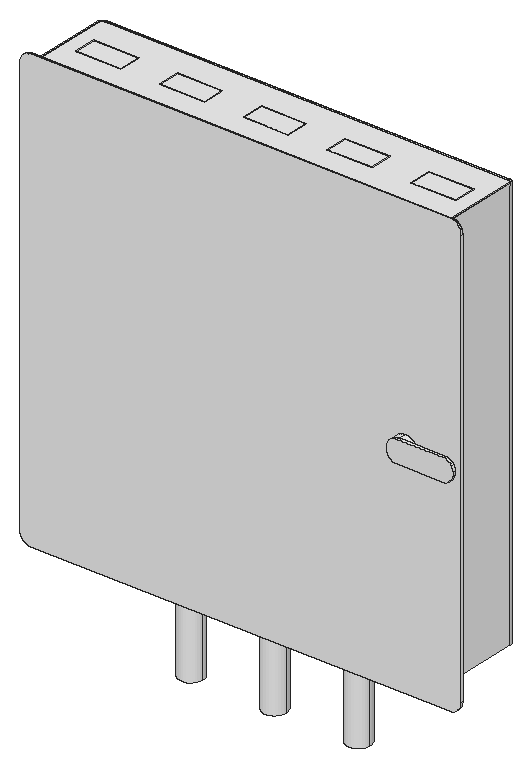
Revit family "Valve_Zip_Horne_TMV_Box_PipesOneEnd", category Specialty Equipment, Revit 2018 (continued)
Definition of nested family "Valve_Zip_Horne_TMV"
  Automatic sketch dimensions
    plane 6 "Left" to Extrusion 9 sketch curve = 10.905 mm
    plane 12 "Right Offset" to Extrusion 10 sketch curve = 8.297 mm  (x2)
    Extrusion 10 sketch curve to plane 1 "Back" = 8.129 mm
    Extrusion 10 sketch curve to plane 12 "Right Offset" = 8.297 mm  (x2)
    Extrusion 10 sketch curve to plane 4 "Right" = 10.905 mm
    plane 12 "Right Offset" to Extrusion 10 sketch curve = 16.595 mm
    Extrusion 10 sketch curve to plane 8 "Front" = 8.129 mm
  Connectors
    piping at (-75, 279.5, 900), diameter 21
      settings: on Revolve 7, index 1, connector inside diameter 609.6 mm, connector length 0 mm, flow factor 0, pipe flow 0.0 L/s, pressure drop 0.0 Pa, fitting loss kfactor 0, connector angle 0.00°, fixture units 0, engagement length 0 mm, angle of deflection 0.00°, flow configuration 1, flow direction 1, fitting loss method 4, system type 20, joint type 0, gender type 0, connector reference index -1, connector utility 0, adjustable connector no, is connector primary yes, connector description "Cold Water Inlet"
    piping at (0, 279.5, 924.5), diameter 21
      settings: on Revolve 1, index 2, connector inside diameter 609.6 mm, connector length 0 mm, flow factor 0, pipe flow 0.0 L/s, pressure drop 0.0 Pa, fitting loss kfactor 0, connector angle 0.00°, fixture units 0, engagement length 0 mm, angle of deflection 0.00°, flow configuration 1, flow direction 2, fitting loss method 4, system type 19, joint type 0, gender type 0, connector reference index -1, connector utility 0, adjustable connector no, is connector primary no, connector description "Mixed Outlet"
    piping at (75, 279.5, 900), diameter 21
      settings: on Revolve 8, index 3, connector inside diameter 609.6 mm, connector length 0 mm, flow factor 0, pipe flow 0.0 L/s, pressure drop 0.0 Pa, fitting loss kfactor 0, connector angle 0.00°, fixture units 0, engagement length 0 mm, angle of deflection 0.00°, flow configuration 1, flow direction 1, fitting loss method 4, system type 19, joint type 0, gender type 0, connector reference index -1, connector utility 0, adjustable connector no, is connector primary no, connector description "Hot Water Inlet"
Types (2, lengths in mm): name | Type Comments | RemoveableDoor | Model | ManufacturerURLProductSpecific | ManufacturerSpecCode | HingedDoor | Description
  Removable Door (42157) | "Removable Door" | yes | "Horne TMV  H1502 Brass in box Configuration - Removable Door" | "https://www.zipwater.com/shop/washroom/box-with-cover-and-key-locks-recessed-flat-stainless-steel-cover" | "42157" | no | "Horne TMV Model H1502: Recessed pre-plumbed box configuration with lockable flat stainless steel removable door - pipes at one end"
  Hinged Door (42457) | "Hinged Door" | no | "Horne TMV  H1502 Brass in box Configuration - Hinged Door" | "https://www.zipwater.com/shop/washroom/box-and-key-locks-recessed-Hingedd-stainless-steel-cover-pipes" | "42457" | yes | "Horne TMV Model H1502: Recessed pre-plumbed box configuration with lockable Hinged stainless steel door - pipes at one end"
